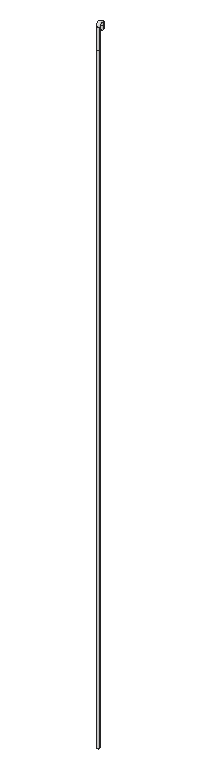
Revit family "Displays_Cable_ASHanging_P-End", category Generic Models, Revit 2026
Family settings
  Can host rebar = No
  Round Connector Dimension = Use Diameter
  Part Type = Normal
  Classification Number = 23.40.90.11
  Work Plane-Based = Yes
  Always vertical = No
  Cut with Voids When Loaded = No
  Maintain Annotation Orientation = No
  Shared = Yes
  Room Calculation Point = No
Parameters (values of type "Stainless Steel")
  URL = "https://www.ashanging.com/"
  Tensioner Location = 0' - 1 3/4"
  Specification = "http://www.arcat.com/sd/clients/ashangin.html?coid=45267"
  Sales Information = "https://www.ashanging.com/en/contacts/"
  Revision = "R1_2017"
  Product Properties = "https://www.ashanging.com/en/cable-system/"
  Product Data = "http://www.arcat.com/arcatcos/cos45/arc45245.html"
  Model = "P End Cable"
  Manufacturer Website = "https://www.ashanging.com/"
  Manufacturer Phone - Toll Free = "866-935-6971"
  Manufacturer Phone = ""
  Manufacturer Fax = ""
  Manufacturer Address = "8396 State Route 9, West Chazy, NY 12992"
  Manufacturer = "AS Hanging"
  Length [instance] = 3' - 0"
  Keynote = "10 14 00"
  Installation-Fabrication = "https://www.ashanging.com/en/support-documents/"
  Has Tensioner = yes
  Hook = Stainless Steel
  EndLength = 0' - 1 11/64"
  Drawn By = "Sumex Design, Robert S. Weygant"
  Description = "AS Hanging P End Cable"
  Default Elevation = 4' - 0"
  Copyright = "2017 ARCAT, Inc"
  Construction Details = ""
  Cable = Stainless Steel
  Assembly Code = "C1030500"
Reference planes (in)
  plane 1 "Center (Front/Back)": y = 0
  plane 2 "TwistPlacement": z = 0
  plane 3 "Center (Left/Right)": x = 0
  plane 4 "Hook Placement": z = -36
  plane 5: z = -1.17187
Forms (in)
  Extrusion 1, solid, material "Stainless Steel" <- "Cable"
    sketch origin (0, 0, 0) x (1, 0, 0) y (0, 1, 0)
      loop
        circle (0, 0) r 0.06103
    from -1.17187 to -36
Dimensions and locks (in)
  "Length": plane 2 "TwistPlacement" to plane 4 "Hook Placement"
  "EndLength": level to plane 5
  aligned and locked: plane 2 "TwistPlacement" to level
  aligned and locked: plane 5 to Extrusion 1
  aligned and locked: plane 1 "Center (Front/Back)" to nested 1
  aligned and locked: plane 3 "Center (Left/Right)" to nested 1
  aligned and locked: Extrusion 1 to plane 4 "Hook Placement"
Automatic sketch dimensions
  plane 1 "Center (Front/Back)" to Extrusion 1 sketch curve = 0' - 0"
  Extrusion 1 sketch curve to plane 3 "Center (Left/Right)" = 0' - 0"
  radius of Extrusion 1 sketch curve = 0' - 0.06103"
Nested families (in)
  nested 1: "P-End" at (0, 0, 0), type "P-End"
Definition of nested family "P-End"
  Parameters
    Thickness = 0' - 0.14476"
    Hook = none
    Default Elevation = 4' - 0"
  Reference planes (in)
    plane 1 "Center (Front/Back)": y = 0
    plane 2 "Hook Base": z = 0
    plane 3 "Center (Left/Right)": x = 0
    plane 4: y = 0.07238
    plane 5: y = -0.07238
  Forms (in)
    Sweep 1, solid, material <- "Hook"
      path origin (0, 0, 0) x (0, 1, 0) y (0, 0, 1)
        loop
          line (0.25, -0.25) -> (0.25, 0)
          arc (0.25, 0) -> (0.125, 0.125) -> (0, 0) r 0.125
          line (0, 0) -> (0, -1.17188)
      profile origin (0, 0, -0.58594) x (1, 0, 0) y (0, 1, 0)
        loop
          circle (0, 0) r 0.07238
  Dimensions and locks (in)
    equal spacing: plane 5, plane 1 "Center (Front/Back)", plane 4
    "Thickness": plane 5 to plane 4
    aligned and locked: plane 2 "Hook Base" to level
  Automatic sketch dimensions
    Sweep 1 sketch curve to plane 1 "Center (Front/Back)" = 0' - 0"
    Sweep 1 sketch curve to level = 0' - 0"
    Sweep 1 sketch curve to plane 4 = 0' - 0.05262"
    Sweep 1 sketch curve to level = 0' - 0 1/4"
    Sweep 1 sketch curve to Sweep 1 sketch curve = 0' - 0 59/64"
    Sweep 1 sketch curve to plane 3 "Center (Left/Right)" = 0' - 0"
    profile plane to Sweep 1 sketch curve = 0' - 0"
    radius of Sweep 1 sketch curve = 0' - 0.07238"
